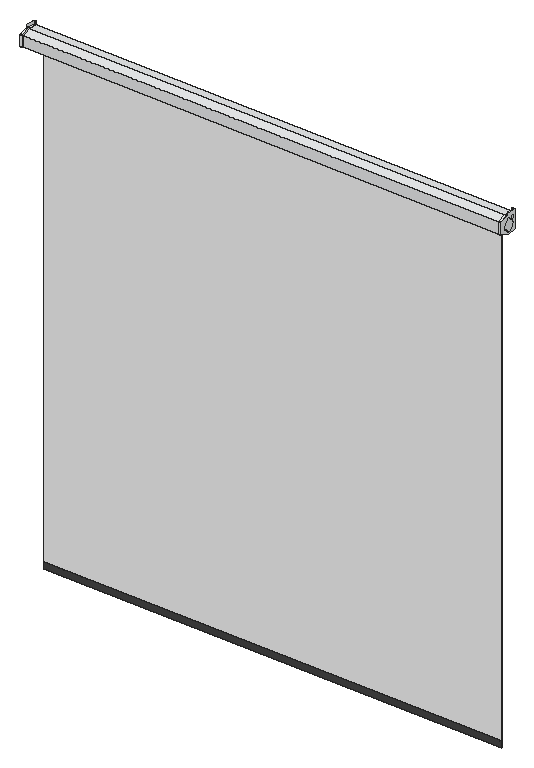
Revit family "Projection_Screen-Draper_Inc.-Targa", category Specialty Equipment, Revit 2026
Family settings
  Round Connector Dimension = Use Diameter
  Part Type = Normal
  Classification Number = 23.85.10.14.31
  Work Plane-Based = No
  Enable Cutting in Views = No
  Always vertical = Yes
  Cut with Voids When Loaded = No
  Maintain Annotation Orientation = No
  Shared = No
  Room Calculation Point = No
Parameters (values of type "AV Format - 12’  x 12’  - 220 V")
  Width = 0' - 4 3/4"  # constant formula
  Voltage = 220 V
  URL = "http://www.DraperInc.com"
  Screen Drop = 12' - 0"
  Screen = 12' - 0"
  Raised [instance] = not(Lowered)  # no
  Projection Screen Material = Fabric - Draper - CH1900E - Pearl White
  Product Page URL = "http://www.draperinc.com/ProjectionScreens/ScreensProducts.asp?detail=285&screen=Targa"
  Product Name = "Targa  Electric Projection Screen"  # constant formula
  Product Documentation Link = "http://www.draperinc.com/filedownload.asp?pathname=ProjectionScreens\\Submittals&filename=Targa_Sub.pdf"
  Overall Size = "144\" x 144\""
  Number of Poles = 1
  Model = "Targa"  # constant formula
  Material = ""
  Manufacturer Contact = "1-800-238-7999"  # constant formula
  Manufacturer = "Draper Inc."  # constant formula
  Lowered [instance] = yes
  Length = 12' - 7"
  Image Length = 12' - 0"
  Image Height = 12' - 0"
  Image Area = "144\" x 144\""
  Image Length Constraint = if(Image Height = Screen Drop, Image Length - 0' 0 1/4", Image Length)  # 11' - 11 3/4"
  Image Height Constraint = if(Image Height = Screen Drop, Image Height - 0' 0 1/4", Image Height)  # 11' - 11 3/4"
  Frequency = 60 Hz
  Description = "Projection Screen"  # constant formula
  Depth = 0' - 5 1/4"  # constant formula
  Default Elevation = 0' - 0"
  Case Material = Paint - Draper - White
  C Border [instance] = if(Image Height = Screen Drop, Border, Lowered)  # no
  Border = Image Height < Screen Drop  # no
  Apparent Load = 132 VA
Types (80): name | Voltage | Screen Drop | Screen | Overall Size | Length | Image Length | Image Height | Image Area | Image Length Constraint | Image Height Constraint | C Border | Border
  AV Format - 12’  x 12’  - 220 V | 220 V | 12' - 0" | 12' - 0" | "144\" x 144\"" | 12' - 7" | 12' - 0" | 12' - 0" | "144\" x 144\"" | 11' - 11 3/4" | 11' - 11 3/4" | no | no
  AV Format - 9’  x 12’  - 220 V | 220 V | 9' - 0" | 12' - 0" | "108\" x 144\"" | 12' - 7" | 12' - 0" | 9' - 0" | "108\" x 144\"" | 11' - 11 3/4" | 8' - 11 3/4" | no | no
  AV Format - 10’  x 10’  - 220 V | 220 V | 10' - 0" | 10' - 0" | "120\" x 120\"" | 10' - 7" | 10' - 0" | 10' - 0" | "120\" x 120\"" | 9' - 11 3/4" | 9' - 11 3/4" | no | no
  AV Format - 8’  x 10’  - 220 V | 220 V | 8' - 0" | 10' - 0" | "96\" x 120\"" | 10' - 7" | 10' - 0" | 8' - 0" | "96\" x 120\"" | 9' - 11 3/4" | 7' - 11 3/4" | no | no
  AV Format - 9’  x 9’  - 220 V | 220 V | 9' - 0" | 9' - 0" | "108\" x 108\"" | 9' - 7" | 9' - 0" | 9' - 0" | "108\" x 108\"" | 8' - 11 3/4" | 8' - 11 3/4" | no | no
  AV Format - 7’  x 9’  - 220 V | 220 V | 7' - 0" | 9' - 0" | "84\" x 108\"" | 9' - 7" | 9' - 0" | 7' - 0" | "84\" x 108\"" | 8' - 11 3/4" | 6' - 11 3/4" | no | no
  AV Format - 96" x 96" - 220 V | 220 V | 8' - 0" | 8' - 0" | "96\" x 96\"" | 8' - 7" | 8' - 0" | 8' - 0" | "96\" x 96\"" | 7' - 11 3/4" | 7' - 11 3/4" | no | no
  AV Format - 72" x 96" - 220 V | 220 V | 6' - 0" | 8' - 0" | "72\" x 96\"" | 8' - 7" | 8' - 0" | 6' - 0" | "72\" x 96\"" | 7' - 11 3/4" | 5' - 11 3/4" | no | no
  AV Format - 84" x 84" - 220 V | 220 V | 7' - 0" | 7' - 0" | "84\" x 84\"" | 7' - 6 1/2" | 7' - 0" | 7' - 0" | "84\" x 84\"" | 6' - 11 3/4" | 6' - 11 3/4" | no | no
  AV Format - 70" x 70" - 220 V | 220 V | 5' - 10" | 5' - 10" | "70\" x 70\"" | 6' - 4 1/2" | 5' - 10" | 5' - 10" | "70\" x 70\"" | 5' - 9 3/4" | 5' - 9 3/4" | no | no
  AV Format - 60" x 60" - 220 V | 220 V | 5' - 0" | 5' - 0" | "60\" x 60\"" | 5' - 6 1/2" | 5' - 0" | 5' - 0" | "60\" x 60\"" | 4' - 11 3/4" | 4' - 11 3/4" | no | no
  AV Format - 50" x 50" - 220 V | 220 V | 4' - 2" | 4' - 2" | "50\" x 50\"" | 4' - 8 1/2" | 4' - 2" | 4' - 2" | "50\" x 50\"" | 4' - 1 3/4" | 4' - 1 3/4" | no | no
  16:10 Format - 189" - 220 V | 220 V | 8' - 9" | 13' - 8" | "105\" x 164\"" | 14' - 3" | 13' - 4" | 8' - 4" | "100\" x 160\"" | 13' - 4" | 8' - 4" | yes | yes
  16:10 Format - 165" - 220 V | 220 V | 7' - 8 1/2" | 12' - 0" | "92 1/2\" x 144\"" | 12' - 7" | 11' - 8" | 7' - 3 1/2" | "87 1/2\" x 140\"" | 11' - 8" | 7' - 3 1/2" | yes | yes
  16:10 Format - 137" - 220 V | 220 V | 6' - 4 1/2" | 10' - 0" | "76 1/2\" x 120\"" | 10' - 7" | 9' - 8" | 6' - 0 1/2" | "72 1/2\" x 116\"" | 9' - 8" | 6' - 0 1/2" | yes | yes
  16:10 Format - 123" - 220 V | 220 V | 5' - 9" | 9' - 0" | "69\" x 108\"" | 9' - 7" | 8' - 8" | 5' - 5" | "65\" x 104\"" | 8' - 8" | 5' - 5" | yes | yes
  16:10 Format - 109" - 220 V | 220 V | 5' - 9 1/2" | 8' - 0" | "69 1/2\" x 96\"" | 8' - 7" | 7' - 8" | 4' - 9 1/2" | "57 1/2\" x 92\"" | 7' - 8" | 4' - 9 1/2" | yes | yes
  16:10 Format - 94" - 220 V | 220 V | 5' - 2" | 6' - 11 1/2" | "62\" x 83 1/2\"" | 7' - 6 1/2" | 6' - 8" | 4' - 2" | "50\" x 80\"" | 6' - 8" | 4' - 2" | yes | yes
  16:10 Format - 85" - 220 V | 220 V | 4' - 9" | 6' - 2" | "57\" x 74\"" | 6' - 9" | 6' - 0" | 3' - 9" | "45\" x 72\"" | 6' - 0" | 3' - 9" | yes | yes
  16:10 Format - 76" - 220 V | 220 V | 4' - 4" | 5' - 9 1/2" | "52\" x 69 1/2\"" | 6' - 4 1/2" | 5' - 4" | 3' - 4" | "40\" x 64\"" | 5' - 4" | 3' - 4" | yes | yes
  16:10 Format - 67" - 220 V | 220 V | 3' - 11 1/4" | 4' - 11 1/2" | "47 ¬\" x 59 1/2\"" | 5' - 6 1/2" | 4' - 8 1/2" | 2' - 11 1/4" | "35 ¬\" x 56 1/2\"" | 4' - 8 1/2" | 2' - 11 1/4" | yes | yes
  16:9 HDTV Format - 184" - 220 V | 220 V | 7' - 11" | 13' - 8" | "95\" x 164\"" | 14' - 3" | 13' - 4" | 7' - 6" | "90\" x 160\"" | 13' - 4" | 7' - 6" | yes | yes
  16:9 HDTV Format - 161" - 220 V | 220 V | 7' - 0" | 12' - 0" | "84\" x 144\"" | 12' - 7" | 11' - 8" | 6' - 7" | "79\" x 140\"" | 11' - 8" | 6' - 7" | yes | yes
  16:9 HDTV Format - 133" - 220 V | 220 V | 5' - 9" | 10' - 0" | "69\" x 120\"" | 10' - 7" | 9' - 8" | 5' - 5" | "65\" x 116\"" | 9' - 8" | 5' - 5" | yes | yes
  16:9 HDTV Format - 119" - 220 V | 220 V | 5' - 2" | 9' - 0" | "62\" x 108\"" | 9' - 7" | 8' - 8" | 4' - 10" | "58\" x 104\"" | 8' - 8" | 4' - 10" | yes | yes
  16:9 HDTV Format - 110" - 220 V | 220 V | 5' - 6" | 8' - 4" | "66\" x 100\"" | 8' - 11" | 8' - 0" | 4' - 6" | "54\" x 96\"" | 8' - 0" | 4' - 6" | yes | yes
  16:9 HDTV Format - 106" - 220 V | 220 V | 5' - 4" | 8' - 0" | "64\" x 96\"" | 8' - 7" | 7' - 8" | 4' - 4" | "52\" x 92\"" | 7' - 8" | 4' - 4" | yes | yes
  16:9 HDTV Format - 100" - 220 V | 220 V | 5' - 1" | 7' - 7" | "61\" x 91\"" | 8' - 2" | 7' - 3" | 4' - 1" | "49\" x 87\"" | 7' - 3" | 4' - 1" | yes | yes
  16:9 HDTV Format - 92" - 220 V | 220 V | 4' - 9" | 6' - 11 1/2" | "57\" x 83 1/2\"" | 7' - 6 1/2" | 6' - 8" | 3' - 9" | "45\" x 80\"" | 6' - 8" | 3' - 9" | yes | yes
  16:9 HDTV Format - 82" - 220 V | 220 V | 4' - 4 1/2" | 6' - 2" | "52 1/2\" x 74\"" | 6' - 9" | 6' - 0" | 3' - 4 1/2" | "40 1/2\" x 72\"" | 6' - 0" | 3' - 4 1/2" | yes | yes
  16:9 HDTV Format - 73" - 220 V | 220 V | 4' - 0" | 5' - 9 1/2" | "48\" x 69 1/2\"" | 6' - 4 1/2" | 5' - 4" | 3' - 0" | "36\" x 64\"" | 5' - 4" | 3' - 0" | yes | yes
  16:9 HDTV Format - 65" - 220 V | 220 V | 3' - 7 3/4" | 4' - 11 1/2" | "43 ‘ \" x 59 1/2\"" | 5' - 6 1/2" | 4' - 8 1/2" | 2' - 6 3/4" | "31 ‘ \" x 56 1/2\"" | 4' - 8 1/2" | 2' - 6 3/4" | yes | yes
  4:3 NTSC/PAL Video Format - 200" - 220 V | 220 V | 10' - 3" | 13' - 6" | "123\" x 162\"" | 14' - 1" | 13' - 2" | 9' - 10" | "118\" x 158\"" | 13' - 2" | 9' - 10" | yes | yes
  4:3 NTSC/PAL Video Format - 15’  - 220 V | 220 V | 9' - 1" | 12' - 0" | "109\" x 144\"" | 12' - 7" | 11' - 8" | 8' - 9" | "105\" x 140\"" | 11' - 8" | 8' - 9" | yes | yes
  4:3 NTSC/PAL Video Format - 150" - 220 V | 220 V | 7' - 8" | 10' - 0" | "92\" x 120\"" | 10' - 7" | 9' - 8" | 7' - 3" | "87\" x 116\"" | 9' - 8" | 7' - 3" | yes | yes
  4:3 NTSC/PAL Video Format - 11’  - 220 V | 220 V | 6' - 11" | 9' - 0" | "83\" x 108\"" | 9' - 7" | 8' - 8" | 6' - 6" | "78\" x 104\"" | 8' - 8" | 6' - 6" | yes | yes
  4:3 NTSC/PAL Video Format - 10’  - 220 V | 220 V | 6' - 1" | 8' - 0" | "73\" x 96\"" | 8' - 7" | 7' - 8" | 5' - 9" | "69\" x 92\"" | 7' - 8" | 5' - 9" | yes | yes
  4:3 NTSC/PAL Video Format - 100" - 220 V | 220 V | 5' - 4" | 6' - 11 1/2" | "64\" x 83 1/2\"" | 7' - 6 1/2" | 6' - 8" | 5' - 0" | "60\" x 80\"" | 6' - 8" | 5' - 0" | yes | yes
  4:3 NTSC/PAL Video Format - 7’  - 220 V | 220 V | 4' - 5 1/2" | 5' - 9 1/2" | "53 1/2\" x 69 1/2\"" | 6' - 4 1/2" | 5' - 6 1/2" | 4' - 2" | "50\" x 66 1/2\"" | 5' - 6 1/2" | 4' - 2" | yes | yes
  4:3 NTSC/PAL Video Format - 6’  - 220 V | 110 V | 3' - 10 1/2" | 4' - 11 1/2" | "46 1/2\" x 59 1/2\"" | 5' - 6 1/2" | 4' - 8 1/2" | 3' - 6 1/2" | "42 1/2\" x 56 1/2\"" | 4' - 8 1/2" | 3' - 6 1/2" | yes | yes
  AV Format - 12’  x 12’  - 110 V | 110 V | 12' - 0" | 12' - 0" | "144\" x 144\"" | 12' - 7" | 12' - 0" | 12' - 0" | "144\" x 144\"" | 11' - 11 3/4" | 11' - 11 3/4" | no | no
  AV Format - 9’  x 12’  - 110 V | 110 V | 9' - 0" | 12' - 0" | "108\" x 144\"" | 12' - 7" | 12' - 0" | 9' - 0" | "108\" x 144\"" | 11' - 11 3/4" | 8' - 11 3/4" | no | no
  AV Format - 10’  x 10’  - 110 V | 110 V | 10' - 0" | 10' - 0" | "120\" x 120\"" | 10' - 7" | 10' - 0" | 10' - 0" | "120\" x 120\"" | 9' - 11 3/4" | 9' - 11 3/4" | no | no
  AV Format - 8’  x 10’  - 110 V | 110 V | 8' - 0" | 10' - 0" | "96\" x 120\"" | 10' - 7" | 10' - 0" | 8' - 0" | "96\" x 120\"" | 9' - 11 3/4" | 7' - 11 3/4" | no | no
  AV Format - 9’  x 9’  - 110 V | 110 V | 9' - 0" | 9' - 0" | "108\" x 108\"" | 9' - 7" | 9' - 0" | 9' - 0" | "108\" x 108\"" | 8' - 11 3/4" | 8' - 11 3/4" | no | no
  AV Format - 7’  x 9’  - 110 V | 110 V | 7' - 0" | 9' - 0" | "84\" x 108\"" | 9' - 7" | 9' - 0" | 7' - 0" | "84\" x 108\"" | 8' - 11 3/4" | 6' - 11 3/4" | no | no
  AV Format - 96" x 96" - 110 V | 110 V | 8' - 0" | 8' - 0" | "96\" x 96\"" | 8' - 7" | 8' - 0" | 8' - 0" | "96\" x 96\"" | 7' - 11 3/4" | 7' - 11 3/4" | no | no
  AV Format - 72" x 96" - 110 V | 110 V | 6' - 0" | 8' - 0" | "72\" x 96\"" | 8' - 7" | 8' - 0" | 6' - 0" | "72\" x 96\"" | 7' - 11 3/4" | 5' - 11 3/4" | no | no
  AV Format - 84" x 84" - 110 V | 110 V | 7' - 0" | 7' - 0" | "84\" x 84\"" | 7' - 6 1/2" | 7' - 0" | 7' - 0" | "84\" x 84\"" | 6' - 11 3/4" | 6' - 11 3/4" | no | no
  AV Format - 70" x 70" - 110 V | 110 V | 5' - 10" | 5' - 10" | "70\" x 70\"" | 6' - 4 1/2" | 5' - 10" | 5' - 10" | "70\" x 70\"" | 5' - 9 3/4" | 5' - 9 3/4" | no | no
  AV Format - 60" x 60" - 110 V | 110 V | 5' - 0" | 5' - 0" | "60\" x 60\"" | 5' - 6 1/2" | 5' - 0" | 5' - 0" | "60\" x 60\"" | 4' - 11 3/4" | 4' - 11 3/4" | no | no
  AV Format - 50" x 50" - 110 V | 110 V | 4' - 2" | 4' - 2" | "50\" x 50\"" | 4' - 8 1/2" | 4' - 2" | 4' - 2" | "50\" x 50\"" | 4' - 1 3/4" | 4' - 1 3/4" | no | no
  16:10 Format - 189" - 110 V | 110 V | 8' - 9" | 13' - 8" | "105\" x 164\"" | 14' - 3" | 13' - 4" | 8' - 4" | "100\" x 160\"" | 13' - 4" | 8' - 4" | yes | yes
  16:10 Format - 165" - 110 V | 110 V | 7' - 8 1/2" | 12' - 0" | "92 1/2\" x 144\"" | 12' - 7" | 11' - 8" | 7' - 3 1/2" | "87 1/2\" x 140\"" | 11' - 8" | 7' - 3 1/2" | yes | yes
  16:10 Format - 137" - 110 V | 110 V | 6' - 4 1/2" | 10' - 0" | "76 1/2\" x 120\"" | 10' - 7" | 9' - 8" | 6' - 0 1/2" | "72 1/2\" x 116\"" | 9' - 8" | 6' - 0 1/2" | yes | yes
  16:10 Format - 123" - 110 V | 110 V | 5' - 9" | 9' - 0" | "69\" x 108\"" | 9' - 7" | 8' - 8" | 5' - 5" | "65\" x 104\"" | 8' - 8" | 5' - 5" | yes | yes
  16:10 Format - 109" - 110 V | 110 V | 5' - 9 1/2" | 8' - 0" | "69 1/2\" x 96\"" | 8' - 7" | 7' - 8" | 4' - 9 1/2" | "57 1/2\" x 92\"" | 7' - 8" | 4' - 9 1/2" | yes | yes
  16:10 Format - 94" - 110 V | 110 V | 5' - 2" | 6' - 11 1/2" | "62\" x 83 1/2\"" | 7' - 6 1/2" | 6' - 8" | 4' - 2" | "50\" x 80\"" | 6' - 8" | 4' - 2" | yes | yes
  16:10 Format - 85" - 110 V | 110 V | 4' - 9" | 6' - 2" | "57\" x 74\"" | 6' - 9" | 6' - 0" | 3' - 9" | "45\" x 72\"" | 6' - 0" | 3' - 9" | yes | yes
  16:10 Format - 76" - 110 V | 110 V | 4' - 4" | 5' - 9 1/2" | "52\" x 69 1/2\"" | 6' - 4 1/2" | 5' - 4" | 3' - 4" | "40\" x 64\"" | 5' - 4" | 3' - 4" | yes | yes
  16:10 Format - 67" - 110 V | 110 V | 3' - 11 1/4" | 4' - 11 1/2" | "47 ¬\" x 59 1/2\"" | 5' - 6 1/2" | 4' - 8 1/2" | 2' - 11 1/4" | "35 ¬\" x 56 1/2\"" | 4' - 8 1/2" | 2' - 11 1/4" | yes | yes
  16:9 HDTV Format - 184" - 110 V | 110 V | 7' - 11" | 13' - 8" | "95\" x 164\"" | 14' - 3" | 13' - 4" | 7' - 6" | "90\" x 160\"" | 13' - 4" | 7' - 6" | yes | yes
  16:9 HDTV Format - 161" - 110 V | 110 V | 7' - 0" | 12' - 0" | "84\" x 144\"" | 12' - 7" | 11' - 8" | 6' - 7" | "79\" x 140\"" | 11' - 8" | 6' - 7" | yes | yes
  16:9 HDTV Format - 133" - 110 V | 110 V | 5' - 9" | 10' - 0" | "69\" x 120\"" | 10' - 7" | 9' - 8" | 5' - 5" | "65\" x 116\"" | 9' - 8" | 5' - 5" | yes | yes
  16:9 HDTV Format - 119" - 110 V | 110 V | 5' - 2" | 9' - 0" | "62\" x 108\"" | 9' - 7" | 8' - 8" | 4' - 10" | "58\" x 104\"" | 8' - 8" | 4' - 10" | yes | yes
  16:9 HDTV Format - 110" - 110 V | 110 V | 5' - 6" | 8' - 4" | "66\" x 100\"" | 8' - 11" | 8' - 0" | 4' - 6" | "54\" x 96\"" | 8' - 0" | 4' - 6" | yes | yes
  16:9 HDTV Format - 106" - 110 V | 110 V | 5' - 4" | 8' - 0" | "64\" x 96\"" | 8' - 7" | 7' - 8" | 4' - 4" | "52\" x 92\"" | 7' - 8" | 4' - 4" | yes | yes
  16:9 HDTV Format - 100" - 110 V | 110 V | 5' - 1" | 7' - 7" | "61\" x 91\"" | 8' - 2" | 7' - 3" | 4' - 1" | "49\" x 87\"" | 7' - 3" | 4' - 1" | yes | yes
  16:9 HDTV Format - 92" - 110 V | 110 V | 4' - 9" | 6' - 11 1/2" | "57\" x 83 1/2\"" | 7' - 6 1/2" | 6' - 8" | 3' - 9" | "45\" x 80\"" | 6' - 8" | 3' - 9" | yes | yes
  16:9 HDTV Format - 82" - 110 V | 110 V | 4' - 4 1/2" | 6' - 2" | "52 1/2\" x 74\"" | 6' - 9" | 6' - 0" | 3' - 4 1/2" | "40 1/2\" x 72\"" | 6' - 0" | 3' - 4 1/2" | yes | yes
  16:9 HDTV Format - 73" - 110 V | 110 V | 4' - 0" | 5' - 9 1/2" | "48\" x 69 1/2\"" | 6' - 4 1/2" | 5' - 4" | 3' - 0" | "36\" x 64\"" | 5' - 4" | 3' - 0" | yes | yes
  16:9 HDTV Format - 65" - 110 V | 110 V | 3' - 7 3/4" | 4' - 11 1/2" | "43 ‘ \" x 59 1/2\"" | 5' - 6 1/2" | 4' - 8 1/2" | 2' - 6 3/4" | "31 ‘ \" x 56 1/2\"" | 4' - 8 1/2" | 2' - 6 3/4" | yes | yes
  4:3 NTSC/PAL Video Format - 200" - 110 V | 110 V | 10' - 3" | 13' - 6" | "123\" x 162\"" | 14' - 1" | 13' - 2" | 9' - 10" | "118\" x 158\"" | 13' - 2" | 9' - 10" | yes | yes
  4:3 NTSC/PAL Video Format - 15’  - 110 V | 110 V | 9' - 1" | 12' - 0" | "109\" x 144\"" | 12' - 7" | 11' - 8" | 8' - 9" | "105\" x 140\"" | 11' - 8" | 8' - 9" | yes | yes
  4:3 NTSC/PAL Video Format - 150" - 110 V | 110 V | 7' - 8" | 10' - 0" | "92\" x 120\"" | 10' - 7" | 9' - 8" | 7' - 3" | "87\" x 116\"" | 9' - 8" | 7' - 3" | yes | yes
  4:3 NTSC/PAL Video Format - 11’  - 110 V | 110 V | 6' - 11" | 9' - 0" | "83\" x 108\"" | 9' - 7" | 8' - 8" | 6' - 6" | "78\" x 104\"" | 8' - 8" | 6' - 6" | yes | yes
  4:3 NTSC/PAL Video Format - 10’  - 110 V | 110 V | 6' - 1" | 8' - 0" | "73\" x 96\"" | 8' - 7" | 7' - 8" | 5' - 9" | "69\" x 92\"" | 7' - 8" | 5' - 9" | yes | yes
  4:3 NTSC/PAL Video Format - 100" - 110 V | 110 V | 5' - 4" | 6' - 11 1/2" | "64\" x 83 1/2\"" | 7' - 6 1/2" | 6' - 8" | 5' - 0" | "60\" x 80\"" | 6' - 8" | 5' - 0" | yes | yes
  4:3 NTSC/PAL Video Format - 7’  - 110 V | 110 V | 4' - 5 1/2" | 5' - 9 1/2" | "53 1/2\" x 69 1/2\"" | 6' - 4 1/2" | 5' - 6 1/2" | 4' - 2" | "50\" x 66 1/2\"" | 5' - 6 1/2" | 4' - 2" | yes | yes
  4:3 NTSC/PAL Video Format - 6’  - 110 V | 110 V | 3' - 10 1/2" | 4' - 11 1/2" | "46 1/2\" x 59 1/2\"" | 5' - 6 1/2" | 4' - 8 1/2" | 3' - 6 1/2" | "42 1/2\" x 56 1/2\"" | 4' - 8 1/2" | 3' - 6 1/2" | yes | yes
Reference planes (in)
  plane 1 "Center (Front/Back)": y = 0
  plane 2 "Bottom": z = 0
  plane 3 "Center (Left/Right)": x = 0
  plane 4 "Front": y = -5.25
  plane 5 "Left": x = -75.5
  plane 6 "Right": x = 75.5
  plane 7 "B/ Screen": z = -146
  plane 8: x = -74.81641
  plane 9: x = 74.8125
  plane 10: z = -145.4775
  plane 11 "Left Screen": x = -72
  plane 12 "Right Screen": x = 72
  plane 13 "Top": z = 6.825
  plane 14: z = 1
  plane 15: z = -73
  plane 16: z = -144
Forms (in)
  Extrusion 1, solid, material "Paint - Draper - White" <- "Case Material"
    sketch origin (0, 0, 0) x (0, 1, 0) y (0, 0, 1)
      loop
        line (-2.27943, 0.77159) -> (0, 1.11937) -> (0, 5.93971) -> (-2.71862, 5.93971) -> (-5.1454, 5.10356) -> (-5.1454, 1.85296) -> (-2.27943, 0.77159)
    from -75.42951 to 75.42951
  Extrusion 2, solid, material "Paint - Draper - White", visible <- "Raised"
    sketch origin (0, 0, 0) x (0, 1, 0) y (0, 0, 1)
      loop
        line (-0.33656, 0.95987) -> (-0.33656, 1.01754) -> (-0.55052, 1.01754) -> (-0.55052, 0.93262)
        arc (-0.55052, 0.93262) -> (-0.59991, 0.84973) -> (-0.69072, 0.81715) r 0.14286
        arc (-0.69072, 0.81715) -> (-0.71497, 0.8071) -> (-0.72501, 0.78286) r 0.03429
        line (-0.72501, 0.78286) -> (-0.72501, 0.03429)
        arc (-0.72501, 0.03429) -> (-0.71497, 0.01004) -> (-0.69072, 0) r 0.03429
        line (-0.69072, 0) -> (-0.18787, 0)
        arc (-0.18787, 0) -> (-0.16362, 0.01004) -> (-0.15358, 0.03429) r 0.03429
        line (-0.15358, 0.03429) -> (-0.15358, 0.52085) -> (-0.10162, 0.56817) -> (-0.10162, 0.64704) -> (-0.15354, 0.69436) -> (-0.15354, 0.7829)
        arc (-0.15354, 0.7829) -> (-0.16564, 0.80914) -> (-0.19348, 0.81688) r 0.03438
        arc (-0.19348, 0.81688) -> (-0.29465, 0.85873) -> (-0.33656, 0.95987) r 0.14299
    from -75.5 to 75.5
  Sweep 3, solid, material "Fabric - Draper - CH1900E - Pearl White" <- "Projection Screen Material", visible <- "Raised"
    path origin (0, 0, 0) x (0, 1, 0) y (0, 0, 1)
      loop
        line (-0.44354, 4.95) -> (-0.44354, 0.50283)
    profile origin (0, -0.44354, 0.50283) x (1, 0, 0) y (0, 1, 0)
      loop
        line (-72, 0.03125) -> (-72, -0.03125) -> (72, -0.03125) -> (72, 0.03125) -> (-72, 0.03125)
  Extrusion 4, solid, material "Paint - Draper - White" <- "Case Material"
    sketch origin (0, 0, 0) x (0, 1, 0) y (0, 0, 1)
      loop
        line (-2.26366, 0.66819) -> (-0.08882, 1) -> (-0.1046, 1.10341) -> (0, 1.10341) -> (0, 6.825) -> (-2.3116, 6.825)
        arc (-2.3116, 6.825) -> (-2.62346, 6.65826) -> (-2.65797, 6.3063) r 0.375
        line (-2.65797, 6.3063) -> (-2.53712, 6.015) -> (-2.71862, 5.93971) -> (-2.75871, 6.03632) -> (-5.18548, 5.20017) -> (-5.1454, 5.10356) -> (-5.25, 5.10356) -> (-5.25, 1.85296) -> (-5.1454, 1.85296) -> (-5.1859, 1.75652) -> (-2.31993, 0.67515) -> (-2.27943, 0.77159) -> (-2.26366, 0.66819)
      loop
        circle (-1.8116, 6.45) r 0.125
      loop
        circle (-2.3116, 6.45) r 0.13281
      loop
        circle (-1.0421, 5.0125) r 0.4375
    from 74.8125 to 75.5
  Extrusion 5, solid, material "Paint - Draper - White" <- "Case Material"
    sketch origin (0, 0, 0) x (0, 1, 0) y (0, 0, 1)
      loop
        line (-0.08882, 1) -> (-0.1046, 1.10341) -> (0, 1.10341) -> (0, 6.825) -> (-2.3116, 6.825)
        arc (-2.3116, 6.825) -> (-2.62346, 6.65826) -> (-2.65797, 6.3063) r 0.375
        line (-2.65797, 6.3063) -> (-2.53712, 6.015) -> (-2.71862, 5.93971) -> (-2.75871, 6.03632) -> (-5.18548, 5.20017) -> (-5.1454, 5.10356) -> (-5.25, 5.10356) -> (-5.25, 1.85296) -> (-5.1454, 1.85296) -> (-5.1859, 1.75652) -> (-2.31993, 0.67515) -> (-2.27943, 0.77159) -> (-2.26366, 0.66819) -> (-0.08882, 1)
      loop
        circle (-1.8116, 6.45) r 0.125
      loop
        circle (-2.3116, 6.45) r 0.13281
    from -75.5 to -74.81641
  Extrusion 6, void
    sketch origin (0, 0, 0) x (1, 0, 0) y (0, 1, 0)
      loop
        line (-74.81641, -0.0625) -> (-75.43342, -0.0625) -> (-75.43342, -2.71875) -> (-74.81641, -2.71875) -> (-74.81641, -0.0625)
    from 5.81327 to 6.825
  Extrusion 7, void
    sketch origin (0, 0, 0) x (-1, 0, 0) y (0, -1, 0)
      loop
        line (-74.8125, 0.0625) -> (-74.8125, 2.71875) -> (-75.42951, 2.71875) -> (-75.42951, 0.0625) -> (-74.8125, 0.0625)
    from 5.81327 to 6.825
  Sweep 8, solid, material "Fabric - Draper - CH1900E - Pearl White" <- "Projection Screen Material", visible <- "Lowered"
    path origin (0, 0, 0) x (0, 1, 0) y (0, 0, 1)
      loop
        line (-0.44354, 4.95) -> (-0.44354, -146)
    profile origin (0, -0.44354, -146) x (1, 0, 0) y (0, 1, 0)
      loop
        line (-72, 0.03125) -> (-72, -0.03125) -> (72, -0.03125) -> (72, 0.03125) -> (-72, 0.03125)
  Extrusion 9, solid, material "Paint - Draper - White" <- "Case Material", detail levels fine
    sketch origin (0, 0, 0) x (0, 1, 0) y (0, 0, 1)
      loop
        line (-1.16902, 4.24391) -> (-2.17782, 5.25178)
        arc (-2.17782, 5.25178) -> (-2.36432, 5.32481) -> (-2.54458, 5.2375) r 0.25
        line (-2.54458, 5.2375) -> (-3.54018, 4.24391)
        arc (-3.54018, 4.24391) -> (-3.8546, 3.325) -> (-3.54018, 2.4061) r 1.5
        line (-3.54018, 2.4061) -> (-2.54458, 1.4125)
        arc (-2.54458, 1.4125) -> (-2.36432, 1.32519) -> (-2.17735, 1.39776) r 0.25
        line (-2.17735, 1.39776) -> (-1.16902, 2.4061)
        arc (-1.16902, 2.4061) -> (-0.8546, 3.325) -> (-1.16902, 4.24391) r 1.5
      loop
        circle (-1.0421, 5.0125) r 0.4375
    from 75.5 to 75.5777
  Extrusion 10, solid, material "Paint - Draper - White" <- "Case Material", detail levels fine
    sketch origin (0, 0, 0) x (0, 1, 0) y (0, 0, 1)
      loop
        line (-1.16902, 4.24391) -> (-2.17782, 5.25178)
        arc (-2.17782, 5.25178) -> (-2.36432, 5.32481) -> (-2.54458, 5.2375) r 0.25
        line (-2.54458, 5.2375) -> (-3.54018, 4.24391)
        arc (-3.54018, 4.24391) -> (-3.8546, 3.325) -> (-3.54018, 2.4061) r 1.5
        line (-3.54018, 2.4061) -> (-2.54458, 1.4125)
        arc (-2.54458, 1.4125) -> (-2.36432, 1.32519) -> (-2.17735, 1.39776) r 0.25
        line (-2.17735, 1.39776) -> (-1.16902, 2.4061)
        arc (-1.16902, 2.4061) -> (-0.8546, 3.325) -> (-1.16902, 4.24391) r 1.5
      loop
        circle (-1.0421, 5.0125) r 0.4375
    from -75.56416 to -75.5
  Extrusion 11, solid, material "Fabric - Draper - Border - Black", visible <- "C Border"
    sketch origin (0, 0, 0) x (1, 0, 0) y (0, 0, 1)
      loop
        line (-71.875, -0.25) -> (-71.875, -144) -> (71.875, -144) -> (71.875, -0.25) -> (-71.875, -0.25)
      loop
        line (-72, -146) -> (72, -146) -> (72, 4.95) -> (-72, 4.95) -> (-72, -146)
    from 0.36632 to 0.51046
  Extrusion 12, solid, material "Fabric - Draper - Border - Black", visible <- "Lowered"
    sketch origin (0, 0, 0) x (1, 0, 0) y (0, 0, 1)
      loop
        line (72, -144) -> (-72, -144) -> (-72, -146) -> (72, -146) -> (72, -144)
    from 0.36632 to 0.51046
Cuts and joins
  Extrusion 6 cuts Extrusion 2
  Extrusion 6, Extrusion 7 cuts Extrusion 5
  Extrusion 7 cuts Extrusion 4
Lines and regions (in)
  Masking region 1
    outline origin (0, 0, 0) x (1, 0, 0) y (0, 1, 0)
      loop
        line (-74.81641, -0.0625) -> (-74.81641, -5.20327) -> (74.8125, -5.20327) -> (74.8125, -0.0625) -> (-74.81641, -0.0625)
  Masking region 2
    outline origin (0, 0, 0) x (1, 0, 0) y (0, 1, 0)
      loop
        line (75.5, -5.25) -> (75.5, 0) -> (74.8125, 0) -> (74.8125, -5.25) -> (75.5, -5.25)
  Masking region 3
    outline origin (-98.4375, 0, 0) x (1, 0, 0) y (0, 1, 0)
      loop
        line (23.62109, -5.25) -> (23.62109, 0) -> (22.9375, 0) -> (22.9375, -5.25) -> (23.62109, -5.25)
  symbolic lines, detail levels medium+fine
    curve 1: line (-75.42951, -0.0625, 0) -> (-74.81641, -0.06375, 0)
    curve 2: line (-75.42951, -0.0625, 0) -> (-75.42951, -2.75871, 0)
    curve 3: line (-75.42951, -2.75871, 0) -> (-74.81641, -2.75871, 0)
    curve 4: line (75.42951, -0.06265, 0) -> (74.8125, -0.06265, 0)
    curve 5: line (75.42951, -0.06265, 0) -> (75.42951, -2.75871, 0)
    curve 6: line (75.42951, -2.75871, 0) -> (74.8125, -2.75871, 0)
  symbolic lines, detail levels fine
    curve 7: circle (-75.25419, 0, 6.18749) r 0.0625 normal (0, -1, 0)
    curve 8: circle (75.25419, 0, 6.18749) r 0.0625 normal (0, 1, 0)
    curve 9: line (-75.5, -2.71862, 0) -> (75.5, -2.71862, 0)
Dimensions and locks (in)
  plane 1 "Center (Front/Back)" to plane 4 "Front" = 0' - 5 1/4"
  locked: plane 5 "Left" to plane 8 at 0.68359
  locked: plane 9 to plane 6 "Right" at 0.6875
  locked: plane 10 to plane 7 "B/ Screen" at 0.5225
  "Depth": plane 1 "Center (Front/Back)" to plane 4 "Front"
  "Screen Drop": plane 16 to level
  equal spacing: plane 5 "Left", plane 3 "Center (Left/Right)", plane 6 "Right"
  "Length": plane 5 "Left" to plane 6 "Right"
  Sweep 3 sketch curve to profile plane to Sweep 3 sketch curve = 0' - 0 1/32" locked, 0' - 0 1/32" locked
  plane 2 "Bottom" to Sweep 3 sketch curve to Sweep 3 sketch curve = 0' - 0.50283" locked, 0' - 4.44717" locked
  locked: plane 1 "Center (Front/Back)" to Sweep 3 sketch curve at 0.44354
  plane 13 "Top" to plane 2 "Bottom" = 0' - 6.825"
  locked: Masking region 1 sketch curve to plane 1 "Center (Front/Back)" at 0.0625
  locked: Masking region 1 sketch curve to plane 4 "Front" at 0.04673
  Extrusion 6 sketch curve to Extrusion 6 sketch curve to plane 1 "Center (Front/Back)" = 0' - 2 21/32", 0' - 0 1/16" locked
  locked: Extrusion 6 sketch curve to plane 8 at 0.61701
  locked: plane 13 "Top" to cut or joined group of Extrusion 5, Extrusion 6, Extrusion 7 at 1.01173
  Extrusion 7 to plane 6 "Right" = 0' - 0.07049"
  locked: Extrusion 7 to plane 1 "Center (Front/Back)" at 0.0625
  plane 5 "Left" to cut or joined group of Extrusion 5, Extrusion 6, Extrusion 7 = 0' - 0.06658"
  cut or joined group of Extrusion 4, Extrusion 7 to plane 6 "Right" = 0' - 0.07049"
  locked: plane 5 "Left" to Extrusion 1 at 0.07049
  locked: Extrusion 1 to plane 6 "Right" at 0.07049
  locked: plane 13 "Top" to curve 7 at 0.63751
  locked: plane 5 "Left" to curve 7 at 0.24581
  locked: curve 8 to plane 6 "Right" at 0.24581
  locked: plane 13 "Top" to curve 8 at 0.63751
  locked: plane 1 "Center (Front/Back)" to Extrusion 2 sketch curve at 0.72501
  locked: plane 1 "Center (Front/Back)" to Extrusion 2 sketch curve at 0.15358
  plane 1 "Center (Front/Back)" to Extrusion 2 sketch curve to Extrusion 2 sketch curve to Extrusion 2 sketch curve to Extrusion 2 sketch curve to Extrusion 2 sketch curve to Extrusion 2 sketch curve = 0' - 0.10162" locked, 0' - 0.05191" locked, 0' - 0.03994" locked, 0' - 0.14308" locked, 0' - 0.21395" locked, 0' - 0.14021" locked
  Extrusion 2 sketch curve to Extrusion 2 sketch curve to Extrusion 2 sketch curve to Extrusion 2 sketch curve to Extrusion 2 sketch curve to Extrusion 2 sketch curve to Extrusion 2 sketch curve to plane 2 "Bottom" = 0' - 0.05767" locked, 0' - 0.14299" locked, 0' - 0.12251" locked, 0' - 0.04732" locked, 0' - 0.07887" locked, 0' - 0.04732" locked, 0' - 0.52085" locked
  Extrusion 2 sketch curve to Extrusion 2 sketch curve to Extrusion 2 sketch curve to Extrusion 2 sketch curve to Extrusion 2 sketch curve = 0' - 0.08493" locked, 0' - 0.11547" locked, 0' - 0.03429" locked, 0' - 0.74857" locked
  locked: Extrusion 7 sketch curve to plane 1 "Center (Front/Back)" at 2.71875
  locked: cut or joined group of Extrusion 4, Extrusion 7 to plane 13 "Top" at 1.01173
  locked: plane 14 to plane 2 "Bottom" at 1
  plane 13 "Top" to Extrusion 1 sketch curve to Extrusion 1 sketch curve to Extrusion 1 sketch curve to Extrusion 1 sketch curve to Extrusion 1 sketch curve = 0' - 0.8853" locked, 0' - 0.83615" locked, 0' - 3.2506" locked, 0' - 0.73359" locked, 0' - 0.34778" locked
  plane 1 "Center (Front/Back)" to Extrusion 1 sketch curve to Extrusion 1 sketch curve to Extrusion 1 sketch curve = 0' - 2.27943" locked, 0' - 0.43919" locked, 0' - 2.42678" locked
  locked: plane 13 "Top" to Extrusion 5 sketch curve at 0.375  (x2)
  locked: plane 1 "Center (Front/Back)" to Extrusion 5 sketch curve at 1.8116
  locked: plane 1 "Center (Front/Back)" to Extrusion 5 sketch curve at 2.3116
  locked: plane 13 "Top" to Extrusion 4 sketch curve at 0.375  (x2)
  locked: plane 1 "Center (Front/Back)" to Extrusion 4 sketch curve at 1.8116
  locked: plane 1 "Center (Front/Back)" to Extrusion 4 sketch curve at 2.3116
  locked: plane 13 "Top" to Extrusion 4 sketch curve at 1.8125
  locked: plane 1 "Center (Front/Back)" to Extrusion 4 sketch curve at 1.0421
  Sweep 8 sketch curve to profile plane to Sweep 8 sketch curve = 0' - 0 1/32" locked, 0' - 0 1/32" locked
  locked: plane 13 "Top" to Sweep 8 sketch curve at 1.875
  locked: plane 6 "Right" to Extrusion 9 at 0.0777
  locked: Extrusion 10 to plane 5 "Left" at 0.06416
  plane 13 "Top" to Extrusion 9 to Extrusion 9 = 0' - 1 1/2" locked, 0' - 4" locked
  plane 1 "Center (Front/Back)" to Extrusion 9 to Extrusion 9 = 0' - 0.8546" locked, 0' - 3" locked
  plane 1 "Center (Front/Back)" to Extrusion 10 sketch curve to Extrusion 10 sketch curve to Extrusion 10 sketch curve to Extrusion 10 sketch curve = 0' - 1.16902" locked, 0' - 1.00834" locked, 0' - 0.36723" locked, 0' - 0.9956" locked  (x2)
  plane 13 "Top" to Extrusion 10 to Extrusion 10 = 0' - 1 1/2" locked, 0' - 4" locked
  plane 1 "Center (Front/Back)" to Extrusion 10 to Extrusion 10 = 0' - 0.8546" locked, 0' - 3" locked  (x2)
  plane 1 "Center (Front/Back)" to Extrusion 9 sketch curve to Extrusion 9 sketch curve to Extrusion 9 sketch curve to Extrusion 9 sketch curve = 0' - 1.16902" locked, 0' - 1.00834" locked, 0' - 0.36723" locked, 0' - 0.9956" locked  (x2)
  locked: plane 1 "Center (Front/Back)" to Extrusion 10 sketch curve at 1.0421
  locked: plane 13 "Top" to Extrusion 10 sketch curve at 1.8125
  locked: plane 1 "Center (Front/Back)" to Extrusion 9 sketch curve at 1.0421
  locked: plane 13 "Top" to Extrusion 9 sketch curve at 1.8125
  locked: plane 1 "Center (Front/Back)" to Sweep 8 sketch curve at 0.44354
  locked: plane 9 to Extrusion 7 sketch curve at 0.61701
  equal spacing: plane 2 "Bottom", plane 15, plane 7 "B/ Screen"
  equal spacing: Extrusion 11 sketch curve, plane 3 "Center (Left/Right)", Extrusion 11 sketch curve
  "Image Height Constraint": Extrusion 11 sketch curve to Extrusion 11 sketch curve
  "Image Length Constraint": Extrusion 11 sketch curve to Extrusion 11 sketch curve
  locked: Extrusion 11 to Sweep 8 at 0.04597
  locked: Sweep 8 to Extrusion 11 at 0.03567
  locked: Extrusion 11 sketch curve to plane 7 "B/ Screen" at 2
  locked: plane 13 "Top" to Extrusion 11 sketch curve at 1.875
  equal spacing: plane 11 "Left Screen", plane 3 "Center (Left/Right)", plane 12 "Right Screen"
  "Screen": plane 11 "Left Screen" to plane 12 "Right Screen"
  locked: plane 16 to plane 7 "B/ Screen" at 2
  aligned and locked: level to plane 2 "Bottom"
  aligned and locked: Extrusion 4 to plane 6 "Right"
  aligned and locked: plane 9 to Extrusion 4
  aligned and locked: Extrusion 2 to plane 6 "Right"
  aligned and locked: plane 5 "Left" to Extrusion 2
  aligned and locked: Sweep 3 sketch curve to plane 11 "Left Screen"
  aligned and locked: plane 12 "Right Screen" to Sweep 3 sketch curve
  aligned and locked: plane 5 "Left" to Extrusion 5
  aligned and locked: Extrusion 5 to plane 8
  aligned and locked: plane 9 to Masking region 1 sketch curve
  aligned and locked: Masking region 1 sketch curve to plane 8
  aligned and locked: Masking region 2 sketch curve to Extrusion 4  (x2)
  aligned and locked: Masking region 2 sketch curve to plane 4 "Front"
  aligned and locked: Masking region 3 sketch curve to plane 1 "Center (Front/Back)"
  aligned and locked: plane 8 to Masking region 3 sketch curve
  aligned and locked: Masking region 3 sketch curve to plane 5 "Left"
  aligned and locked: plane 4 "Front" to Masking region 3 sketch curve
  aligned and locked: Extrusion 6 sketch curve to plane 8
  aligned and locked: plane 13 "Top" to Extrusion 6
  aligned and locked: plane 9 to Extrusion 7
  aligned and locked: plane 8 to curve 3
  aligned and locked: plane 8 to curve 1
  aligned and locked: plane 9 to curve 4
  aligned and locked: plane 9 to curve 6
  aligned and locked: plane 13 "Top" to Extrusion 7
  aligned and locked: plane 13 "Top" to Extrusion 5
  aligned and locked: Extrusion 4 to plane 13 "Top"
  aligned and locked: cut or joined group of Extrusion 4, Extrusion 7 to Extrusion 7
  aligned and locked: Extrusion 6 to cut or joined group of Extrusion 5, Extrusion 6, Extrusion 7
  aligned and locked: plane 1 "Center (Front/Back)" to Extrusion 1 sketch curve
  aligned and locked: plane 6 "Right" to Extrusion 9
  aligned and locked: Extrusion 10 to plane 5 "Left"
  aligned and locked: curve 9 to Extrusion 1
  aligned and locked: plane 5 "Left" to curve 9
  aligned and locked: plane 6 "Right" to curve 9
  aligned and locked: Extrusion 11 sketch curve to plane 11 "Left Screen"
  aligned and locked: Extrusion 11 sketch curve to plane 7 "B/ Screen"
  aligned and locked: Extrusion 11 sketch curve to plane 12 "Right Screen"
  aligned and locked: plane 7 "B/ Screen" to Sweep 8 sketch curve
  aligned and locked: Sweep 8 sketch curve to plane 11 "Left Screen"
  aligned and locked: plane 12 "Right Screen" to Sweep 8 sketch curve
Automatic sketch dimensions
  curve 2 to plane 5 "Left" = 0' - 0.07049"
  plane 6 "Right" to curve 6 = 0' - 0.07049"
  curve 6 to curve 9 = 0' - 0.04008"
  curve 3 to curve 9 = 0' - 0.04008"
  plane 1 "Center (Front/Back)" to curve 1 = 0' - 0.06375"
  plane 1 "Center (Front/Back)" to curve 4 = 0' - 0.06265"
  plane 1 "Center (Front/Back)" to curve 1 = 0' - 0 1/16"
  Extrusion 2 sketch curve to level = 0' - 0"
  Extrusion 2 sketch curve to plane 14 = 0' - 0.04"
  Extrusion 2 sketch curve to Extrusion 2 sketch curve = 0' - 0.00556"
  Extrusion 2 sketch curve to Extrusion 2 sketch curve = 0' - 0.03429"
  Extrusion 2 sketch curve to Extrusion 2 sketch curve = 0' - 0.03397"
  Extrusion 4 sketch curve to Extrusion 4 sketch curve = 0' - 0"  (x2)
  Extrusion 4 sketch curve to plane 4 "Front" = 0' - 0"
  Extrusion 4 sketch curve to plane 1 "Center (Front/Back)" = 0' - 0"
  Extrusion 4 sketch curve to plane 13 "Top" = 0' - 0"
  plane 4 "Front" to Extrusion 4 sketch curve = 0' - 0.0641"
  plane 4 "Front" to Extrusion 4 sketch curve = 0' - 0.06452"
  plane 4 "Front" to Extrusion 4 sketch curve = 0' - 0.1046"  (x2)
  Extrusion 4 sketch curve to plane 13 "Top" = 0' - 0.78868"
  Extrusion 4 sketch curve to Extrusion 4 sketch curve = 0' - 0.44711"
  Extrusion 4 sketch curve to plane 13 "Top" = 0' - 0.8853"
  Extrusion 4 sketch curve to Extrusion 4 sketch curve = 0' - 0.04008"
  Extrusion 4 sketch curve to plane 13 "Top" = 0' - 0.5187"
  Extrusion 4 sketch curve to plane 14 = 0' - 0.32485"
  plane 1 "Center (Front/Back)" to Extrusion 4 sketch curve = 0' - 2.31993"
  Extrusion 4 sketch curve to plane 14 = 0' - 0.22841"
  Extrusion 4 sketch curve to Extrusion 4 sketch curve = 0' - 0.0405"
  Extrusion 4 sketch curve to plane 14 = 0' - 0.33181"
  Extrusion 4 sketch curve to Extrusion 4 sketch curve = 0' - 0.05627"
  plane 1 "Center (Front/Back)" to Extrusion 4 sketch curve = 0' - 0.1046"
  plane 14 to Extrusion 4 sketch curve = 0' - 0"
  plane 14 to Extrusion 4 sketch curve = 0' - 0.75652"
  Extrusion 4 sketch curve to Extrusion 4 sketch curve = 0' - 0.09644"
  Extrusion 4 sketch curve to plane 13 "Top" = 0' - 1.72145"
  Extrusion 4 sketch curve to Extrusion 4 sketch curve = 0' - 0.09662"
  Extrusion 5 sketch curve to Extrusion 5 sketch curve = 0' - 0"  (x2)
  Extrusion 5 sketch curve to plane 4 "Front" = 0' - 0"
  Extrusion 5 sketch curve to plane 1 "Center (Front/Back)" = 0' - 0"
  Extrusion 5 sketch curve to plane 13 "Top" = 0' - 0"
  plane 4 "Front" to Extrusion 5 sketch curve = 0' - 0.0641"
  plane 4 "Front" to Extrusion 5 sketch curve = 0' - 0.06452"
  plane 4 "Front" to Extrusion 5 sketch curve = 0' - 0.1046"  (x2)
  Extrusion 5 sketch curve to plane 13 "Top" = 0' - 0.78868"
  Extrusion 5 sketch curve to Extrusion 5 sketch curve = 0' - 0.44711"
  Extrusion 5 sketch curve to plane 13 "Top" = 0' - 0.8853"
  Extrusion 5 sketch curve to Extrusion 5 sketch curve = 0' - 0.04008"
  Extrusion 5 sketch curve to Extrusion 5 sketch curve = 0' - 0.10073"
  Extrusion 5 sketch curve to plane 14 = 0' - 0.32485"
  plane 1 "Center (Front/Back)" to Extrusion 5 sketch curve = 0' - 2.31993"
  Extrusion 5 sketch curve to plane 14 = 0' - 0.22841"
  Extrusion 5 sketch curve to Extrusion 5 sketch curve = 0' - 0.0405"
  Extrusion 5 sketch curve to plane 14 = 0' - 0.33181"
  Extrusion 5 sketch curve to Extrusion 5 sketch curve = 0' - 0.05627"
  Extrusion 5 sketch curve to Extrusion 5 sketch curve = 0' - 0.1046"
  plane 14 to Extrusion 5 sketch curve = 0' - 0"
  plane 14 to Extrusion 5 sketch curve = 0' - 0.75652"
  Extrusion 5 sketch curve to Extrusion 5 sketch curve = 0' - 0.09644"
  Extrusion 5 sketch curve to plane 13 "Top" = 0' - 1.72145"
  Extrusion 5 sketch curve to Extrusion 5 sketch curve = 0' - 0.09662"
  plane 1 "Center (Front/Back)" to Masking region 2 sketch curve = 0' - 0"
  Extrusion 7 sketch curve to plane 9 = 0' - 0"
  Extrusion 7 sketch curve to plane 1 "Center (Front/Back)" = 0' - 0 1/16"
  Extrusion 9 sketch curve to Extrusion 9 sketch curve = 0' - 0"  (x3)
  Extrusion 9 sketch curve to Extrusion 9 sketch curve = 0' - 0.18998"  (x2)
  Extrusion 9 sketch curve to Extrusion 9 sketch curve = 0' - 1.18558"
  Extrusion 9 sketch curve to Extrusion 9 sketch curve = 0' - 0.00047"  (x4)
  Extrusion 9 sketch curve to Extrusion 9 sketch curve = 0' - 0.76859"
  Extrusion 9 sketch curve to Extrusion 9 sketch curve = 0' - 0.91891"
  plane 14 to Extrusion 9 sketch curve = 0' - 0.575"
  Extrusion 9 sketch curve to Extrusion 9 sketch curve = 0' - 0.1625"  (x2)
  Extrusion 9 sketch curve to Extrusion 9 sketch curve = 0' - 0 1/16"
  Extrusion 10 sketch curve to Extrusion 10 sketch curve = 0' - 0"  (x3)
  Extrusion 10 sketch curve to Extrusion 10 sketch curve = 0' - 0.18998"  (x2)
  Extrusion 10 sketch curve to Extrusion 10 sketch curve = 0' - 1.18558"
  Extrusion 10 sketch curve to Extrusion 10 sketch curve = 0' - 0.00047"  (x4)
  Extrusion 10 sketch curve to Extrusion 10 sketch curve = 0' - 0.76859"
  Extrusion 10 sketch curve to Extrusion 10 sketch curve = 0' - 0.91891"
  plane 14 to Extrusion 10 sketch curve = 0' - 0.575"
  Extrusion 10 sketch curve to Extrusion 10 sketch curve = 0' - 0.1625"  (x2)
  Extrusion 10 sketch curve to Extrusion 10 sketch curve = 0' - 0 1/16"
  Extrusion 12 sketch curve to plane 16 = 0' - 0"
  plane 12 "Right Screen" to Extrusion 12 sketch curve = 0' - 0"
  Extrusion 12 sketch curve to plane 7 "B/ Screen" = 0' - 0"
  plane 11 "Left Screen" to Extrusion 12 sketch curve = 0' - 0"
  radius of curve 7 = 0' - 0 1/16"
  radius of curve 8 = 0' - 0 1/16"
  radius of Extrusion 4 sketch curve = 0' - 0 1/8"
  radius of Extrusion 4 sketch curve = 0' - 0 17/128"
  radius of Extrusion 4 sketch curve = 0' - 0 7/16"
  radius of Extrusion 5 sketch curve = 0' - 0 1/8"
  radius of Extrusion 5 sketch curve = 0' - 0 17/128"
  radius of Extrusion 9 sketch curve = 0' - 0 7/16"
  radius of Extrusion 10 sketch curve = 0' - 0 7/16"
Connectors (in)
  electrical at (-75.56416, -1.0421, 5.0125), driven by "Number of Poles", driven by "Voltage", driven by "Apparent Load"
    settings: on Extrusion 10, index 1, voltage 220 V, apparent load 0 VA, apparent load phase1 132 VA, apparent load phase2 0 VA, apparent load phase3 0 VA, power factor 1, load classification "Motor", number of poles 1, system type 31, power factor state 1, is connector primary yes, connector utility no, sub classification motor no, connector description "Power Connection"
